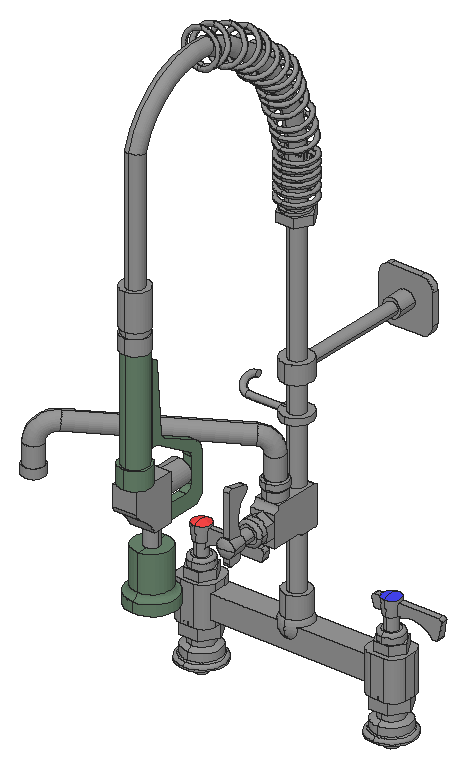
Revit family "Krowne_18-608L_DeckMount_Pre-Rinse_Faucet", category Plumbing Fixtures, Revit 2018
Family settings
  Round Connector Dimension = Use Diameter
  Part Type = Normal
  OmniClass Number = 23.40.40.00
  OmniClass Title = Food Service Equipment and Furnishings
  Work Plane-Based = No
  Always vertical = Yes
  Cut with Voids When Loaded = No
  Shared = No
  Room Calculation Point = No
Parameters (values of type "18-608L")
  Width = 12 5/16"
  Weight in Pounds = 13
  Watermarked By = ""
  URL Cutsheet = ""
  URL = "https://krowne.com/"
  Status [instance] = ""
  Specification by User [instance] = ""
  Specification by Manufacturer [instance] = ""
  Serial Number [instance] = ""
  Revision Code [instance] = ""
  NAFEM Spec ID Number [instance] = ""
  Model = "18-608L"
  Masterspec [instance] = ""
  Manufacturer = "Krowne Metal"
  Item Number [instance] = "-"
  Installed By [instance] = ""
  Hot Water Temperature = 100 °F
  Hot Water Size = 1/2"
  Hot Water RI Height [instance] = 0"
  Hot Water Flow = 1.8 GPM
  Hot Water Connection Height = 0"
  Height = 24 7/8"
  Furnished By [instance] = ""
  Foodservice Equipment Identifier = yes
  Description = "8\" Raised Deck Mount Space Saver Pre-Rinse with Add-on Faucet, 8\" Spout"
  Depth = 10"
  Cold Water Size = 1/2"
  Cold Water RI Height [instance] = 0"
  Cold Water Flow = 1.8 GPM
  Cold Water Consumption = ""
  Cold Water Connection Height = 0"
  CSI MasterFormat = ""
  Assembly Code = "E1090300"
Reference planes (in)
  plane 1 "BACK": y = 0
  plane 2: z = 0
  plane 3 "CENTER L/R": x = -12.56573
  plane 4: y = -0.9375
  plane 5: y = -8.5625
  plane 6 "CENTER L/S": x = -8.56573
  plane 7 "CENTER L/T": x = -16.56573
  plane 8 "CENTER L/U": x = -6.40948
  plane 9 "CENTER L/V": x = -18.72198
  plane 10: z = 6.875
  plane 11: z = 18
  plane 12: z = 26.625
  plane 13: z = 1.75
  plane 14: z = 15.8125
Forms (in)
  Extrusion 1, solid, material "QF_Steel-Chrome-Polished"
    sketch origin (-12.56573, -0.93695, -0.09142) x (0, -1, 0) y (1, 0, 0)
      loop
        circle (0, 0) r 0.34
    from 4.12518 to 18.28793
  Revolve 2, solid, material "QF_Plastic-Hunter Green"
    sketch origin (-12.56573, 4.2975, -7.025) x (0, -1, 0) y (0, 0, 1)
      loop
        line (13.735, 18.775) -> (14.36, 18.775) -> (14.36, 19.525) -> (14.235, 19.525) -> (14.235, 23.8375) -> (13.735, 23.8375) -> (13.735, 18.775)
      axis (13.735, 18.775) -> (13.735, 23.8375)
    angle from 0 to 360
  Sweep 3, solid, material "QF_Steel-Chrome-Polished"
    path origin (-12.56573, -0.93695, -4.46642) x (0, -1, 0) y (0, 0, 1)
      loop
        line (8.50055, 23.65392) -> (8.50055, 28.72759)
        arc (8.50055, 28.72759) -> (7.09376, 30.5755) -> (4.82933, 31.09142) r 3.40474
        arc (4.82933, 31.09142) -> (2.36329, 29.70618) -> (0.62765, 27.47285) r 7.14782
        arc (0.62765, 27.47285) -> (0.15902, 26.17338) -> (0, 24.80118) r 6
        line (0, 24.80118) -> (0, 22.66293)
    profile origin (-12.56573, -9.4375, 21.72434) x (0, 1, 0) y (-1, 0, 0)
      loop
        circle (0, 0) r 0.33984
  Sweep 4, solid, material "QF_Steel-Chrome-Polished"
    path origin (-12.56573, 8.55153, 20.47393) x (1, 0, 0) y (0, -0.694658, -0.71934)
      loop
        line (-0.03125, 13.66) -> (-2.03125, 13.66)
        arc (-2.03125, 13.66) -> (-2.40625, 13.285) -> (-2.03125, 12.91) r 0.375
    profile origin (-13.59698, -0.9375, 10.64775) x (0, 0.694658, 0.71934) y (0, 0.71934, -0.694658)
      loop
        circle (0, 0) r 0.125
  Sweep 5, solid, material "QF_Steel-Chrome-Polished"
    path origin (-12.56573, -23.0225, -7.025) x (0, 1, 0) y (0, 0, -1)
      loop
        line (14.46, -16.8375) -> (14.46, -16.0875)
    profile origin (-12.56573, -8.5625, 9.4375) x (-1, 0, 0) y (0, -1, 0)
      loop
        circle (0, 0) r 0.3125
  Revolve 6, solid, material "QF_Plastic-Hunter Green"
    sketch origin (-12.56573, -23.0225, -7.025) x (0, 1, 0) y (0, 0, -1)
      loop
        line (14.46, -16.0875) -> (15.21, -16.0875) -> (15.21, -14.5875)
        arc (15.21, -14.5875) -> (15.28322, -14.41072) -> (15.46, -14.3375) r 0.25
        line (15.46, -14.3375) -> (15.46, -13.9) -> (14.46, -13.9) -> (14.46, -16.0875)
      axis (14.46, -13.9) -> (14.46, -16.0875)
    angle from 0 to 360
  Extrusion 7, solid, material "QF_Plastic-Hunter Green"
    sketch origin (-12.56573, -23.0225, -7.025) x (0, 1, 0) y (0, 0, -1)
      loop
        arc (15.335, -16.71016) -> (15.02261, -17.01446) -> (15.31861, -17.33473) r 0.3125
        line (15.31861, -17.33473) -> (16.06861, -17.33473)
        arc (16.06861, -17.33473) -> (16.24539, -17.40795) -> (16.31861, -17.58473) r 0.25
        line (16.31861, -17.58473) -> (16.31861, -18.62984)
        arc (16.31861, -18.62984) -> (16.28585, -18.75357) -> (16.19614, -18.84486) r 0.25
        line (16.19614, -18.84486) -> (14.5225, -19.8375) -> (14.2725, -19.8375) -> (14.2725, -23.15)
        arc (14.2725, -23.15) -> (14.44928, -23.07678) -> (14.5225, -22.9) r 0.25
        line (14.5225, -22.9) -> (14.73264, -20.16098)
        arc (14.73264, -20.16098) -> (14.77513, -20.0396) -> (14.87232, -19.9554) r 0.25
        line (14.87232, -19.9554) -> (16.56935, -19.12771)
        arc (16.56935, -19.12771) -> (16.77419, -18.94327) -> (16.85017, -18.67831) r 0.5
        line (16.85017, -18.67831) -> (16.85017, -16.97532) -> (16.585, -16.71016) -> (15.335, -16.71016)
    from -0.17817 to 0.15894
  Revolve 8, solid, material "QF_Steel-Chrome-Polished"
    sketch origin (-12.56573, -23.0225, -7.025) x (0, 1, 0) y (0, 0, -1)
      loop
        line (14.8975, -18.7125) -> (15.8975, -18.7125) -> (15.8975, -18.4625) -> (16.0225, -18.4625) -> (16.0225, -18.2125) -> (14.8975, -18.2125) -> (14.8975, -18.7125)
      axis (16.0225, -18.2125) -> (14.8975, -18.2125)
    angle from 0 to 360
  Sweep 9, solid, material "QF_Steel-Chrome-Polished"
    path origin (-12.56573, -2.06586, 24.03279) x (0, -0.882948, -0.469472) y (1, 0, 0)
      loop
        circle (0, 0) r 0.72
    profile origin (-11.84573, -2.06586, 24.03279) x (-1, 0, 0) y (0, -0.469472, 0.882948)
      loop
        circle (0, 0) r 0.08178
  Sweep 10, solid, material "QF_Steel-Chrome-Polished"
    path origin (-12.56573, -2.47616, 24.44422) x (0, -0.829038, -0.559193) y (1, 0, 0)
      loop
        circle (0, 0) r 0.72
    profile origin (-11.84573, -2.47616, 24.44422) x (-1, 0, 0) y (0, -0.559193, 0.829038)
      loop
        circle (0, 0) r 0.08178
  Sweep 11, solid, material "QF_Steel-Chrome-Polished"
    path origin (-12.56573, -1.07894, 21.53673) x (0, -0.978148, -0.207912) y (1, 0, 0)
      loop
        circle (0, 0) r 0.72
    profile origin (-11.84573, -1.07894, 21.53673) x (-1, 0, 0) y (0, -0.207912, 0.978148)
      loop
        circle (0, 0) r 0.08178
  Sweep 12, solid, material "QF_Steel-Chrome-Polished"
    path origin (-12.56573, -1.86515, 23.60264) x (0, -0.857167, -0.515038) y (1, 0, 0)
      loop
        circle (0, 0) r 0.72
    profile origin (-11.84573, -1.86515, 23.60264) x (-1, 0, 0) y (0, -0.515038, 0.857167)
      loop
        circle (0, 0) r 0.08178
  Sweep 13, solid, material "QF_Steel-Chrome-Polished"
    path origin (-12.56573, -0.98092, 21.05422) x (0, -0.978148, -0.207912) y (1, 0, 0)
      loop
        circle (0, 0) r 0.72
    profile origin (-11.84573, -0.98092, 21.05422) x (-1, 0, 0) y (0, -0.207912, 0.978148)
      loop
        circle (0, 0) r 0.08178
  Sweep 14, solid, material "QF_Steel-Chrome-Polished"
    path origin (-12.56573, -1.69061, 23.19258) x (0, -0.920505, -0.390731) y (1, 0, 0)
      loop
        circle (0, 0) r 0.72
    profile origin (-11.84573, -1.69061, 23.19258) x (-1, 0, 0) y (0, -0.390731, 0.920505)
      loop
        circle (0, 0) r 0.08178
  Sweep 15, solid, material "QF_Steel-Chrome-Polished"
    path origin (-12.56573, -1.21384, 22.00251) x (0, -0.951057, -0.309017) y (1, 0, 0)
      loop
        circle (0, 0) r 0.72
    profile origin (-11.84573, -1.21384, 22.00251) x (-1, 0, 0) y (0, -0.309017, 0.951057)
      loop
        circle (0, 0) r 0.08178
  Sweep 16, solid, material "QF_Steel-Chrome-Polished"
    path origin (-12.56573, -1.54108, 22.69083) x (0, -0.927184, -0.374607) y (1, 0, 0)
      loop
        circle (0, 0) r 0.72
    profile origin (-11.84573, -1.54108, 22.69083) x (-1, 0, 0) y (0, -0.374607, 0.927184)
      loop
        circle (0, 0) r 0.08178
  Sweep 17, solid, material "QF_Steel-Chrome-Polished"
    path origin (-12.56573, -3.01276, 24.87687) x (0, -0.848048, -0.529919) y (1, 0, 0)
      loop
        circle (0, 0) r 0.72
    profile origin (-11.84573, -3.01276, 24.87687) x (-1, 0, 0) y (0, -0.529919, 0.848048)
      loop
        circle (0, 0) r 0.08178
  Sweep 18, solid, material "QF_Steel-Chrome-Polished"
    path origin (-12.56573, -3.45399, 25.40635) x (0, -0.745676, -0.666309) y (1, 0, 0)
      loop
        circle (0, 0) r 0.72
    profile origin (-11.84573, -3.45399, 25.40635) x (-1, 0, 0) y (0, -0.666309, 0.745676)
      loop
        circle (0, 0) r 0.08178
  Sweep 19, solid, material "QF_Steel-Chrome-Polished"
    path origin (-12.56573, -3.91456, 25.78013) x (0, -0.632262, -0.774755) y (1, 0, 0)
      loop
        circle (0, 0) r 0.72
    profile origin (-11.84573, -3.91456, 25.78013) x (-1, 0, 0) y (0, -0.774755, 0.632262)
      loop
        circle (0, 0) r 0.08178
  Sweep 20, solid, material "QF_Steel-Chrome-Polished"
    path origin (-12.56573, -4.61244, 26.15886) x (0, -0.434326, -0.900756) y (1, 0, 0)
      loop
        circle (0, 0) r 0.72
    profile origin (-11.84573, -4.61244, 26.15886) x (-1, 0, 0) y (0, -0.900756, 0.434326)
      loop
        circle (0, 0) r 0.08178
  Sweep 21, solid, material "QF_Steel-Chrome-Polished"
    path origin (-12.56573, -5.50445, 26.53759) x (0, -0.434326, -0.900756) y (1, 0, 0)
      loop
        circle (0, 0) r 0.72
    profile origin (-11.84573, -5.50445, 26.53759) x (-1, 0, 0) y (0, -0.900756, 0.434326)
      loop
        circle (0, 0) r 0.08178
  Sweep 22, solid, material "QF_Steel-Chrome-Polished"
    path origin (-12.56573, -5.96727, 26.62629) x (0, -0.134719, -0.990884) y (1, 0, 0)
      loop
        circle (0, 0) r 0.72
    profile origin (-11.84573, -5.96727, 26.62629) x (-1, 0, 0) y (0, -0.990884, 0.134719)
      loop
        circle (0, 0) r 0.08178
  Extrusion 23, solid, material "QF_Steel-Chrome-Polished"
    sketch origin (-0.21875, -0.9375, 12.03358) x (0, 1, 0) y (-1, 0, 0)
      loop
        circle (0.00055, 12.34698) r 0.625
      loop
        circle (0.00055, 12.34698) r 0.34
    from 0 to 0.75
  Extrusion 24, solid, material "QF_Steel-Chrome-Polished"
    sketch origin (-0.1875, 5.0625, -4.46642) x (1, 0, 0) y (0, 0, 1)
      loop
        line (-11.75323, 18) -> (-13.00323, 18)
        arc (-13.00323, 18) -> (-13.35678, 17.85355) -> (-13.50323, 17.5) r 0.5
        line (-13.50323, 17.5) -> (-13.50323, 16.25)
        arc (-13.50323, 16.25) -> (-13.35678, 15.89645) -> (-13.00323, 15.75) r 0.5
        line (-13.00323, 15.75) -> (-11.75323, 15.75)
        arc (-11.75323, 15.75) -> (-11.39967, 15.89645) -> (-11.25323, 16.25) r 0.5
        line (-11.25323, 16.25) -> (-11.25323, 17.5)
        arc (-11.25323, 17.5) -> (-11.39967, 17.85355) -> (-11.75323, 18) r 0.5
    from 0 to 0.25
  Extrusion 25, solid, material "QF_Steel-Chrome-Polished"
    sketch origin (-0.1875, 4.8125, -4.46642) x (1, 0, 0) y (0, 0, 1)
      loop
        circle (-12.37823, 16.875) r 0.375
    from 0 to 0.75
  Extrusion 26, solid, material "QF_Steel-Chrome-Polished"
    sketch origin (-0.1875, 4.0625, -4.46642) x (1, 0, 0) y (0, 0, 1)
      loop
        circle (-12.37823, 16.875) r 0.25
    from 0 to 4.5
  Extrusion 27, solid, material "QF_Steel-Chrome-Polished"
    sketch origin (-12.59698, 5.53856, -5.6836) x (0, 1, 0) y (0, 0, 1)
      loop
        line (-13.66356, 15.4961) -> (-13.66356, 17.4336) -> (-15.47606, 17.4336) -> (-15.47606, 16.5586)
        arc (-15.47606, 16.5586) -> (-15.44221, 16.43298) -> (-15.34983, 16.34139) r 0.25
        arc (-15.34983, 16.34139) -> (-14.88291, 15.97756) -> (-14.53856, 15.4961) r 2.0625
        line (-14.53856, 15.4961) -> (-13.66356, 15.4961)
    from -0.5 to 0.5
  Revolve 28, solid, material "QF_Steel-Chrome-Polished"
    sketch origin (-12.56573, 4.2975, -7.025) x (0, -1, 0) y (0, 0, 1)
      loop
        line (13.735, 23.8375) -> (14.2975, 23.8375) -> (14.2975, 24.4625) -> (14.235, 24.4625) -> (14.235, 24.7125) -> (14.2975, 24.7125) -> (14.2975, 26.2125) -> (13.735, 26.2125) -> (13.735, 23.8375)
      axis (13.735, 23.8375) -> (13.735, 26.2125)
    angle from 0 to 360
  Extrusion 29, solid, material "QF_Steel-Chrome-Polished"
    sketch origin (-0.21875, -0.9375, 10.51528) x (0, 1, 0) y (-1, 0, 0)
      loop
        circle (0.00055, 12.34698) r 0.625
      loop
        circle (0.00055, 12.34698) r 0.34
    from 0 to 0.25
  Extrusion 30, solid, material "QF_Steel-Chrome-Polished"
    sketch origin (-12.56573, 0, 1.1875) x (0, 1, 0) y (0, 0, 1)
      loop
        line (-0.5, 5.3125) -> (-0.5, 6.6875)
        arc (-0.5, 6.6875) -> (-0.53661, 6.77589) -> (-0.625, 6.8125) r 0.125
        line (-0.625, 6.8125) -> (-2.5, 6.8125)
        arc (-2.5, 6.8125) -> (-2.57322, 6.63572) -> (-2.75, 6.5625) r 0.25
        line (-2.75, 6.5625) -> (-2.75, 5.3125) -> (-1.4805, 5.3125)
        arc (-1.4805, 5.3125) -> (-1.43984, 5.3057) -> (-1.4036, 5.28605) r 0.125
        line (-1.4036, 5.28605) -> (-1.3112, 5.21395)
        arc (-1.3112, 5.21395) -> (-1.27496, 5.1943) -> (-1.2343, 5.1875) r 0.125
        line (-1.2343, 5.1875) -> (-0.625, 5.1875)
        arc (-0.625, 5.1875) -> (-0.53661, 5.22411) -> (-0.5, 5.3125) r 0.125
    from -0.4629 to 0.51137
  Sweep 31, solid, material "QF_Steel-Chrome-Polished"
    path origin (-11.1074, -0.60406, 1.1875) x (0.707107, 0.707107, 0) y (0, 0, 1)
      loop
        line (-2.0625, 6.8125) -> (-2.0625, 8.47099)
        arc (-2.0625, 8.47099) -> (-2.24597, 8.96246) -> (-2.7066, 9.21348) r 0.75
        line (-2.7066, 9.21348) -> (-9.2066, 10.14053)
        arc (-9.2066, 10.14053) -> (-9.80397, 9.96458) -> (-10.0625, 9.39804) r 0.75
        line (-10.0625, 9.39804) -> (-10.0625, 8.5625)
    profile origin (-12.56581, -2.06246, 8.82925) x (-0.707107, -0.707107, 0) y (0.707107, -0.707107, 0)
      loop
        circle (0, 0) r 0.375
  Extrusion 32, solid, material "QF_Steel-Chrome-Polished"
    sketch origin (-12.56573, -0.4375, 8) x (0, -1, 0) y (1, 0, 0)
      loop
        circle (1.625, 0) r 0.375
      loop
        circle (1.625, 0) r 0.4375
    from 0 to 0.375
  Revolve 33, solid, material "QF_Steel-Chrome-Polished"
    sketch origin (-12.56573, 0, 1.1875) x (0, 1, 0) y (0, 0, 1)
      loop
        line (-1.6875, 7.5625) -> (-1.6875, 7.1875) -> (-1.625, 7.1875) -> (-1.5625, 7.25) -> (-1.5625, 7.5) -> (-1.625, 7.5625) -> (-1.6875, 7.5625)
      axis (-2.0625, 7.1875) -> (-2.0625, 7.5625)
    angle from 0 to 360
  Extrusion 34, solid, material "QF_Steel-Chrome-Polished"
    sketch origin (-18.21991, -7.72207, 9.375) x (-0.707107, -0.707107, 0) y (-0.707107, 0.707107, 0)
      loop
        circle (0, 0) r 0.4375
    from 0 to -0.375
  Extrusion 35, solid, material "QF_Steel-Chrome-Polished"
    sketch origin (1.8125, -0.03125, 3.19778) x (0, 1, 0) y (-1, 0, 0)
      loop
        line (-0.90625, 17.74356) -> (-0.35661, 18.06089) -> (-0.35661, 18.69556) -> (-0.90625, 19.01289) -> (-1.45589, 18.69556) -> (-1.45589, 18.06089) -> (-0.90625, 17.74356)
      loop
        line (-0.90625, 9.74356) -> (-0.35661, 10.06089) -> (-0.35661, 10.69556) -> (-0.90625, 11.01289) -> (-1.45589, 10.69556) -> (-1.45589, 10.06089) -> (-0.90625, 9.74356)
    from 0 to 0.375
  Revolve 36, solid, material "QF_Steel-Chrome-Polished"
    sketch origin (-16.56573, -0.03125, -0.80222) x (0, 1, 0) y (0, 0, 1)
      loop
        line (-0.90625, 4.375) -> (-0.40625, 4.375) -> (-0.40625, 4.625)
        arc (-0.40625, 4.625) -> (-0.44286, 4.71339) -> (-0.53125, 4.75) r 0.125
        line (-0.53125, 4.75) -> (-0.90625, 4.75) -> (-0.90625, 4.375)
      axis (-0.90625, 4.375) -> (-0.90625, 4.75)
    angle from 0 to 360
  Revolve 37, solid, material "QF_Steel-Chrome-Polished"
    sketch origin (-8.56573, -0.03125, -0.80222) x (0, 1, 0) y (0, 0, 1)
      loop
        line (-0.90625, 4.375) -> (-0.40625, 4.375) -> (-0.40625, 4.625)
        arc (-0.40625, 4.625) -> (-0.44286, 4.71339) -> (-0.53125, 4.75) r 0.125
        line (-0.53125, 4.75) -> (-0.90625, 4.75) -> (-0.90625, 4.375)
      axis (-0.90625, 4.375) -> (-0.90625, 4.75)
    angle from 0 to 360
  Revolve 38, solid, material "QF_Steel-Chrome-Polished"
    sketch origin (-8.56573, -0.03125, -0.80222) x (0, 1, 0) y (0, 0, 1)
      loop
        line (-0.90625, 4.75) -> (-0.65625, 4.75) -> (-0.65625, 5.3125) -> (-0.90625, 5.3125) -> (-0.90625, 4.75)
      axis (-0.90625, 4.75) -> (-0.90625, 5.3125)
    angle from 0 to 360
  Revolve 39, solid, material "QF_Steel-Chrome-Polished"
    sketch origin (-16.56573, -0.03125, -0.80222) x (0, 1, 0) y (0, 0, 1)
      loop
        line (-0.90625, 4.75) -> (-0.65625, 4.75) -> (-0.65625, 5.3125) -> (-0.90625, 5.3125) -> (-0.90625, 4.75)
      axis (-0.90625, 4.75) -> (-0.90625, 5.3125)
    angle from 0 to 360
  Revolve 40, solid, material "QF_Steel-Chrome-Polished"
    sketch origin (-16.56573, -0.03125, -0.80222) x (0, 1, 0) y (0, 0, 1)
      loop
        line (-0.90625, 5.3125) -> (-0.59375, 5.3125) -> (-0.53125, 5.9375) -> (-0.90625, 5.9375) -> (-0.90625, 5.3125)
      axis (-0.90625, 5.3125) -> (-0.90625, 5.9375)
    angle from 0 to 360
  Revolve 41, solid, material "QF_Steel-Chrome-Polished"
    sketch origin (-8.56573, -0.03125, -0.80222) x (0, 1, 0) y (0, 0, 1)
      loop
        line (-0.90625, 5.3125) -> (-0.59375, 5.3125) -> (-0.53125, 5.9375) -> (-0.90625, 5.9375) -> (-0.90625, 5.3125)
      axis (-0.90625, 5.3125) -> (-0.90625, 5.9375)
    angle from 0 to 360
  Revolve 42, solid, material "QF_Plastic-Red"
    sketch origin (-16.56573, -0.03125, -0.80222) x (0, 1, 0) y (0, 0, 1)
      loop
        line (-0.90625, 5.9375) -> (-0.53125, 5.9375)
        arc (-0.53125, 5.9375) -> (-0.70704, 6.03513) -> (-0.90625, 6.0625) r 0.54601
        line (-0.90625, 6.0625) -> (-0.90625, 5.9375)
      axis (-0.90625, 5.9375) -> (-0.90625, 6.0625)
    angle from 0 to 360
  Revolve 43, solid, material "QF_Plastic-Blue"
    sketch origin (-8.56573, -0.03125, -0.80222) x (0, 1, 0) y (0, 0, 1)
      loop
        line (-0.90625, 5.9375) -> (-0.53125, 5.9375)
        arc (-0.53125, 5.9375) -> (-0.70704, 6.03513) -> (-0.90625, 6.0625) r 0.54601
        line (-0.90625, 6.0625) -> (-0.90625, 5.9375)
      axis (-0.90625, 5.9375) -> (-0.90625, 6.0625)
    angle from 0 to 360
  Extrusion 44, solid, material "QF_Steel-Chrome-Polished"
    sketch origin (-0.1875, -3.375, -0.21074) x (1, 0, 0) y (0, 1, 0)
      loop
        circle (-16.37823, 2.4375) r 0.25
      loop
        circle (-8.37823, 2.4375) r 0.25
    from 0.21074 to -0.25
  Revolve 45, solid, material "QF_Steel-Chrome-Polished"
    sketch origin (-16.56573, -0.03125, 0) x (0, 1, 0) y (0, 0, 1)
      loop
        line (-0.90625, 0) -> (0.03125, 0) -> (0.03125, 0.0625)
        arc (0.03125, 0.0625) -> (-0.00536, 0.15089) -> (-0.09375, 0.1875) r 0.125
        arc (-0.09375, 0.1875) -> (-0.13794, 0.20581) -> (-0.15625, 0.25) r 0.0625
        line (-0.15625, 0.25) -> (-0.15625, 0.5625) -> (-0.40625, 0.6875) -> (-0.40625, 1.0625) -> (-0.90625, 1.0625) -> (-0.90625, 0)
      axis (-0.90625, 0) -> (-0.90625, 1.0625)
    angle from 0 to 360
  Revolve 46, solid, material "QF_Steel-Chrome-Polished"
    sketch origin (-8.56573, -0.03125, 0) x (0, 1, 0) y (0, 0, 1)
      loop
        line (-0.90625, 0) -> (0.03125, 0) -> (0.03125, 0.0625)
        arc (0.03125, 0.0625) -> (-0.00536, 0.15089) -> (-0.09375, 0.1875) r 0.125
        arc (-0.09375, 0.1875) -> (-0.13794, 0.20581) -> (-0.15625, 0.25) r 0.0625
        line (-0.15625, 0.25) -> (-0.15625, 0.5625) -> (-0.40625, 0.6875) -> (-0.40625, 1.0625) -> (-0.90625, 1.0625) -> (-0.90625, 0)
      axis (-0.90625, 0) -> (-0.90625, 1.0625)
    angle from 0 to 360
  Extrusion 47, solid, material "QF_Steel-Chrome-Polished"
    sketch origin (1.8125, -0.03125, 1.0625) x (0, 1, 0) y (-1, 0, 0)
      loop
        line (-0.2026, 17.97198) -> (-0.2026, 18.78448) -> (-0.90625, 19.19073) -> (-1.6099, 18.78448) -> (-1.6099, 17.97198) -> (-0.90625, 17.56573) -> (-0.2026, 17.97198)
      loop
        line (-0.2026, 9.97198) -> (-0.2026, 10.78448) -> (-0.90625, 11.19073) -> (-1.6099, 10.78448) -> (-1.6099, 9.97198) -> (-0.90625, 9.56573) -> (-0.2026, 9.97198)
    from 0 to 0.5
  Extrusion 48, solid, material "QF_Steel-Chrome-Polished"
    sketch origin (1.8125, -0.03125, 1.5625) x (0, 1, 0) y (-1, 0, 0)
      loop
        circle (-0.90625, 18.37823) r 0.75
      loop
        circle (-0.90625, 10.37823) r 0.75
    from 0 to 0.125
  Revolve 49, solid, material "QF_Steel-Chrome-Polished"
    sketch origin (-12.56573, -0.03125, -0.16406) x (0, 1, 0) y (0, 0, 1)
      loop
        line (-0.90625, 3.30665) -> (-0.90625, 2.30303)
        arc (-0.90625, 2.30303) -> (-0.33338, 2.64139) -> (-0.34375, 3.30665) r 0.66209
        line (-0.34375, 3.30665) -> (-0.90625, 3.30665)
      axis (-0.90625, 3.30665) -> (-0.90625, 2.30303)
    angle from 0 to 360
  Extrusion 50, solid, material "QF_Steel-Chrome-Polished"
    sketch origin (-12.56573, -0.9375, 3.14259) x (0, 1, 0) y (-1, 0, 0)
      loop
        circle (0, 0) r 0.5625
    from 0 to 0.89117
  Extrusion 51, solid, material "QF_Steel-Chrome-Polished"
    sketch origin (3.8125, -0.9375, -0.80222) x (1, 0, 0) y (0, 0, 1)
      loop
        arc (-20.45139, 5.875) -> (-20.54806, 5.82925) -> (-20.57397, 5.72549) r 0.125
        line (-20.57397, 5.72549) -> (-20.44898, 5.10053)
        arc (-20.44898, 5.10053) -> (-20.40566, 5.02837) -> (-20.32641, 5.00004) r 0.125
        line (-20.32641, 5.00004) -> (-20.25335, 5.00004)
        arc (-20.25335, 5.00004) -> (-20.20057, 5.01173) -> (-20.15766, 5.04462) r 0.125
        arc (-20.15766, 5.04462) -> (-19.58494, 5.40979) -> (-18.90628, 5.38199) r 1.13354
        arc (-18.90628, 5.38199) -> (-18.88545, 5.37648) -> (-18.86398, 5.37462) r 0.125
        line (-18.86398, 5.37462) -> (-17.83077, 5.37462)
        arc (-17.83077, 5.37462) -> (-17.75152, 5.40295) -> (-17.7082, 5.47511) r 0.125
        line (-17.7082, 5.47511) -> (-17.65813, 5.72549)
        arc (-17.65813, 5.72549) -> (-17.68403, 5.82925) -> (-17.7807, 5.875) r 0.125
        line (-17.7807, 5.875) -> (-20.45139, 5.875)
      loop
        line (-10.29934, 5.875) -> (-12.97575, 5.875)
        arc (-12.97575, 5.875) -> (-13.07242, 5.82925) -> (-13.09832, 5.72549) r 0.125
        line (-13.09832, 5.72549) -> (-13.04825, 5.47511)
        arc (-13.04825, 5.47511) -> (-13.00493, 5.40295) -> (-12.92568, 5.37462) r 0.125
        line (-12.92568, 5.37462) -> (-11.89247, 5.37462)
        arc (-11.89247, 5.37462) -> (-11.871, 5.37648) -> (-11.85017, 5.38199) r 0.125
        arc (-11.85017, 5.38199) -> (-11.17151, 5.40979) -> (-10.59879, 5.04462) r 1.13354
        arc (-10.59879, 5.04462) -> (-10.55588, 5.01173) -> (-10.5031, 5.00004) r 0.125
        line (-10.5031, 5.00004) -> (-10.42432, 5.00004)
        arc (-10.42432, 5.00004) -> (-10.34507, 5.02837) -> (-10.30175, 5.10053) r 0.125
        line (-10.30175, 5.10053) -> (-10.17676, 5.72549)
        arc (-10.17676, 5.72549) -> (-10.20267, 5.82925) -> (-10.29934, 5.875) r 0.125
    from -0.125 to 0.125
  Extrusion 52, solid, material "QF_Steel-Chrome-Polished"
    sketch origin (-13.46034, -2.75, 17.56068) x (-1, 0, 0) y (0, 0, -1)
      loop
        line (-0.90625, 9.81573) -> (-0.41911, 10.09698) -> (-0.41911, 10.65948) -> (-0.90625, 10.94073) -> (-1.39339, 10.65948) -> (-1.39339, 10.09698) -> (-0.90625, 9.81573)
    from 0 to 0.375
  Revolve 53, solid, material "QF_Steel-Chrome-Polished"
    sketch origin (-13.46034, 1.25, 7.18246) x (-1, 0, 0) y (0, -1, 0)
      loop
        line (-0.90625, 4.375) -> (-0.40625, 4.375) -> (-0.40625, 4.625)
        arc (-0.40625, 4.625) -> (-0.44286, 4.71339) -> (-0.53125, 4.75) r 0.125
        line (-0.53125, 4.75) -> (-0.90625, 4.75) -> (-0.90625, 4.375)
      axis (-0.90625, 4.375) -> (-0.90625, 4.75)
    angle from 0 to 360
  Revolve 54, solid, material "QF_Steel-Chrome-Polished"
    sketch origin (-13.46034, 1.25, 7.18246) x (-1, 0, 0) y (0, -1, 0)
      loop
        line (-0.90625, 4.75) -> (-0.65625, 4.75) -> (-0.65625, 5.3125) -> (-0.90625, 5.3125) -> (-0.90625, 4.75)
      axis (-0.90625, 4.75) -> (-0.90625, 5.3125)
    angle from 0 to 360
  Revolve 55, solid, material "QF_Steel-Chrome-Polished"
    sketch origin (-13.46034, 1.25, 7.18246) x (-1, 0, 0) y (0, -1, 0)
      loop
        line (-0.90625, 5.3125) -> (-0.59375, 5.3125) -> (-0.53125, 5.9375) -> (-0.90625, 5.9375) -> (-0.90625, 5.3125)
      axis (-0.90625, 5.3125) -> (-0.90625, 5.9375)
    angle from 0 to 360
  Revolve 56, solid, material "QF_Steel-Chrome-Polished"
    sketch origin (-13.46034, 1.25, 7.18246) x (-1, 0, 0) y (0, -1, 0)
      loop
        line (-0.90625, 5.9375) -> (-0.53125, 5.9375)
        arc (-0.53125, 5.9375) -> (-0.70704, 6.03513) -> (-0.90625, 6.0625) r 0.54601
        line (-0.90625, 6.0625) -> (-0.90625, 5.9375)
      axis (-0.90625, 5.9375) -> (-0.90625, 6.0625)
    angle from 0 to 360
  Extrusion 57, solid, material "QF_Steel-Chrome-Polished"
    sketch origin (-12.55409, 1.25, 19.56068) x (0, 0, 1) y (0, -1, 0)
      loop
        line (-10.29934, 5.875) -> (-12.97575, 5.875)
        arc (-12.97575, 5.875) -> (-13.07242, 5.82925) -> (-13.09832, 5.72549) r 0.125
        line (-13.09832, 5.72549) -> (-13.04825, 5.47511)
        arc (-13.04825, 5.47511) -> (-13.00493, 5.40295) -> (-12.92568, 5.37462) r 0.125
        line (-12.92568, 5.37462) -> (-11.89247, 5.37462)
        arc (-11.89247, 5.37462) -> (-11.871, 5.37648) -> (-11.85017, 5.38199) r 0.125
        arc (-11.85017, 5.38199) -> (-11.17151, 5.40979) -> (-10.59879, 5.04462) r 1.13354
        arc (-10.59879, 5.04462) -> (-10.55588, 5.01173) -> (-10.5031, 5.00004) r 0.125
        line (-10.5031, 5.00004) -> (-10.42432, 5.00004)
        arc (-10.42432, 5.00004) -> (-10.34507, 5.02837) -> (-10.30175, 5.10053) r 0.125
        line (-10.30175, 5.10053) -> (-10.17676, 5.72549)
        arc (-10.17676, 5.72549) -> (-10.20267, 5.82925) -> (-10.29934, 5.875) r 0.125
    from -0.125 to 0.125
  Extrusion 58, solid, material "QF_Steel-Chrome-Polished"
    sketch origin (2, 0, 0) x (1, 0, 0) y (0, 1, 0)
      loop
        line (-10.28392, -0.1875) -> (-10.84753, -0.1875)
        arc (-10.84753, -0.1875) -> (-11.20108, -0.33395) -> (-11.34753, -0.6875) r 0.5
        line (-11.34753, -0.6875) -> (-11.34753, -1.1875)
        arc (-11.34753, -1.1875) -> (-11.20108, -1.54105) -> (-10.84753, -1.6875) r 0.5
        line (-10.84753, -1.6875) -> (-10.28392, -1.6875)
        arc (-10.28392, -1.6875) -> (-9.93037, -1.54105) -> (-9.78392, -1.1875) r 0.5
        line (-9.78392, -1.1875) -> (-9.78392, -0.6875)
        arc (-9.78392, -0.6875) -> (-9.93037, -0.33395) -> (-10.28392, -0.1875) r 0.5
      loop
        line (-18.28392, -0.1875) -> (-18.84753, -0.1875)
        arc (-18.84753, -0.1875) -> (-19.20108, -0.33395) -> (-19.34753, -0.6875) r 0.5
        line (-19.34753, -0.6875) -> (-19.34753, -1.1875)
        arc (-19.34753, -1.1875) -> (-19.20108, -1.54105) -> (-18.84753, -1.6875) r 0.5
        line (-18.84753, -1.6875) -> (-18.28392, -1.6875)
        arc (-18.28392, -1.6875) -> (-17.93037, -1.54105) -> (-17.78392, -1.1875) r 0.5
        line (-17.78392, -1.1875) -> (-17.78392, -0.6875)
        arc (-17.78392, -0.6875) -> (-17.93037, -0.33395) -> (-18.28392, -0.1875) r 0.5
    from 1.5625 to 3.19778
  Extrusion 59, solid, material "QF_Steel-Chrome-Polished"
    sketch origin (0, 0, 0) x (1, 0, 0) y (0, 1, 0)
      loop
        line (-8.56573, -0.4375) -> (-15.78392, -0.4375) -> (-15.78392, -1.44779) -> (-8.56573, -1.44779) -> (-8.56573, -0.4375)
    from 1.92335 to 2.9302
  Sweep 60, solid, material "QF_Steel-Chrome-Polished"
    path origin (-12.56573, -0.93695, 18.84886) x (0, -1, 0) y (1, 0, 0)
      loop
        circle (0, 0) r 0.72
    profile origin (-11.84573, -0.93695, 18.84886) x (-1, 0, 0) y (0, 0, 1)
      loop
        circle (0, 0) r 0.08178
  Sweep 61, solid, material "QF_Steel-Chrome-Polished"
    path origin (-12.56573, -0.93695, 19.59886) x (0, -1, 0) y (1, 0, 0)
      loop
        circle (0, 0) r 0.72
    profile origin (-11.84573, -0.93695, 19.59886) x (-1, 0, 0) y (0, 0, 1)
      loop
        circle (0, 0) r 0.08178
  Sweep 62, solid, material "QF_Steel-Chrome-Polished"
    path origin (-12.56573, -0.93695, 20.16136) x (0, -1, 0) y (1, 0, 0)
      loop
        circle (0, 0) r 0.72
    profile origin (-11.84573, -0.93695, 20.16136) x (-1, 0, 0) y (0, 0, 1)
      loop
        circle (0, 0) r 0.08178
  Sweep 63, solid, material "QF_Steel-Chrome-Polished"
    path origin (-12.56573, -0.93695, 19.23623) x (0, -1, 0) y (1, 0, 0)
      loop
        circle (0, 0) r 0.72
    profile origin (-11.84573, -0.93695, 19.23623) x (-1, 0, 0) y (0, 0, 1)
      loop
        circle (0, 0) r 0.08178
  Sweep 64, solid, material "QF_Steel-Chrome-Polished"
    path origin (-12.56573, -0.93695, 19.86123) x (0, -1, 0) y (1, 0, 0)
      loop
        circle (0, 0) r 0.72
    profile origin (-11.84573, -0.93695, 19.86123) x (-1, 0, 0) y (0, 0, 1)
      loop
        circle (0, 0) r 0.08178
  Sweep 65, solid, material "QF_Steel-Chrome-Polished"
    path origin (-12.56573, -0.93695, 20.42373) x (0, -1, 0) y (1, 0, 0)
      loop
        circle (0, 0) r 0.72
    profile origin (-11.84573, -0.93695, 20.42373) x (-1, 0, 0) y (0, 0, 1)
      loop
        circle (0, 0) r 0.08178
  Extrusion 66, solid, material "QF_Steel-Chrome-Polished"
    sketch origin (0, 0, 18) x (0, 1, 0) y (-1, 0, 0)
      loop
        line (-0.9375, 11.84174) -> (-0.31051, 12.20373) -> (-0.31051, 12.92772) -> (-0.9375, 13.28971) -> (-1.56449, 12.92772) -> (-1.56449, 12.20373) -> (-0.9375, 11.84174)
    from 0 to 0.375
  Revolve 67, solid, material "QF_Steel-Chrome-Polished"
    sketch origin (-12.59698, 0, 16) x (0, 1, 0) y (0, 0, 1)
      loop
        line (-0.9375, 2.375) -> (-0.37, 2.375) -> (-0.37, 2.45122) -> (-0.5625, 2.45122) -> (-0.5625, 3.49121) -> (-0.9375, 3.49121) -> (-0.9375, 2.375)
      loop
        line (-0.5625, 4.891) -> (-0.9375, 4.891) -> (-0.9375, 4.29742) -> (-0.5625, 4.29742) -> (-0.5625, 4.891)
      axis (-0.9375, 2.375) -> (-0.9375, 4.891)
    angle from 0 to 360
  Extrusion 68, solid, material "QF_Steel-Chrome-Polished"
    sketch origin (0, 0, 19.76372) x (0, 1, 0) y (-1, 0, 0)
      loop
        line (-0.9375, 12.05825) -> (-0.49801, 12.31199) -> (-0.49801, 12.81946) -> (-0.9375, 13.0732) -> (-1.37699, 12.81946) -> (-1.37699, 12.31199) -> (-0.9375, 12.05825)
    from -0.27251 to 0.54256
Cuts and joins
  joined: Extrusion 1, Extrusion 30
  joined: Extrusion 58, Extrusion 59
Lines and regions (in)
  symbolic lines
    curve 1: arc (-12.94073, -0.9375, 0) -> (-12.83089, -0.67233, 0) -> (-12.56573, -0.5625, 0) r 0.375
    curve 2: arc (-12.56573, -0.5625, 0) -> (-12.30056, -0.67233, 0) -> (-12.19073, -0.9375, 0) r 0.375
    curve 3: line (-12.94073, -0.9375, 0) -> (-12.94073, -9.46144, 0)
    curve 4: arc (-12.94073, -9.46144, 0) -> (-12.56573, -9.83644, 0) -> (-12.19073, -9.46144, 0) r 0.375
    curve 6: line (-13.36339, -1.09937, 0) -> (-11.73911, -1.09937, 0)
    curve 7: line (-13.36339, -1.31238, 0) -> (-11.73911, -1.31238, 0)
    curve 8: line (-13.36339, -1.56238, 0) -> (-11.73911, -1.56238, 0)
    curve 9: line (-13.36339, -1.81238, 0) -> (-11.73911, -1.81238, 0)
    curve 10: line (-13.36339, -2.06238, 0) -> (-11.73911, -2.06238, 0)
    curve 11: line (-13.36339, -2.31238, 0) -> (-11.73911, -2.31238, 0)
    curve 12: line (-13.36339, -2.56238, 0) -> (-11.73911, -2.56238, 0)
    curve 13: line (-13.36339, -2.81238, 0) -> (-11.73911, -2.81238, 0)
    curve 14: line (-13.36339, -3.06238, 0) -> (-11.73911, -3.06238, 0)
    curve 15: line (-13.36339, -3.81238, 0) -> (-11.73911, -3.81238, 0)
    curve 16: line (-13.36339, -5.06238, 0) -> (-11.73911, -5.06238, 0)
    curve 17: line (-13.36339, -5.69647, 0) -> (-11.73911, -5.69647, 0)
    curve 18: line (-13.36339, -8.53336, 0) -> (-11.73911, -8.53336, 0)
    curve 19: line (-11.44073, 5.0625, 0) -> (-13.69073, 5.0625, 0)
    curve 20: line (-13.69073, 4.8125, 0) -> (-11.44073, 4.8125, 0)
    curve 21: line (-12.19073, 4.0625, 0) -> (-12.19073, 4.8125, 0)
    curve 22: line (-12.94073, 4.0625, 0) -> (-12.19073, 4.0625, 0)
    curve 23: line (-12.94073, 4.8125, 0) -> (-12.94073, 4.0625, 0)
    curve 24: circle (-8.59698, -0.9375, 0) r 0.375 normal (0, 0, 1)
    curve 25: line (-8.95053, -0.8125, 0) -> (-9.3195, -0.8125, 0)
    curve 26: line (-9.3195, -0.8125, 0) -> (-9.3195, -1.0625, 0)
    curve 27: line (-9.3195, -1.0625, 0) -> (-8.95053, -1.0625, 0)
    curve 28: line (-8.24342, -1.0625, 0) -> (-6.41195, -1.0625, 0)
    curve 29: line (-6.41195, -1.0625, 0) -> (-6.41195, -0.8125, 0)
    curve 30: line (-6.41195, -0.8125, 0) -> (-8.24342, -0.8125, 0)
    curve 31: arc (-9.08731, -0.8125, 0) -> (-8.60008, -0.44319, 0) -> (-8.11285, -0.8125, 0) r 0.50605
    curve 32: arc (-9.08731, -1.0625, 0) -> (-8.60008, -1.43181, 0) -> (-8.11285, -1.0625, 0) r 0.50605
    curve 33: line (-8.22171, -1.26179, 0) -> (-8.31573, -1.42464, 0)
    curve 34: line (-8.31573, -1.42464, 0) -> (-8.51522, -1.42464, 0)
    curve 35: line (-8.68494, -1.42464, 0) -> (-8.87823, -1.42464, 0)
    curve 36: line (-8.87823, -1.42464, 0) -> (-8.97003, -1.28451, 0)
    curve 37: line (-8.95617, -0.58968, 0) -> (-8.87934, -0.45661, 0)
    curve 38: line (-8.87934, -0.45661, 0) -> (-8.71584, -0.45661, 0)
    curve 39: line (-8.4941, -0.45442, 0) -> (-8.32182, -0.45442, 0)
    curve 40: line (-8.32182, -0.45442, 0) -> (-8.22869, -0.59657, 0)
    curve 41: circle (-16.53448, -0.9375, 0) r 0.375 normal (0, 0, -1)
    curve 42: line (-16.18092, -0.8125, 0) -> (-15.81195, -0.8125, 0)
    curve 43: line (-15.81195, -0.8125, 0) -> (-15.81195, -1.0625, 0)
    curve 44: line (-15.81195, -1.0625, 0) -> (-16.18092, -1.0625, 0)
    curve 45: line (-16.88803, -1.0625, 0) -> (-18.7195, -1.0625, 0)
    curve 46: line (-18.7195, -1.0625, 0) -> (-18.7195, -0.8125, 0)
    curve 47: line (-18.7195, -0.8125, 0) -> (-16.88803, -0.8125, 0)
    curve 48: arc (-16.04414, -0.8125, 0) -> (-16.53137, -0.44319, 0) -> (-17.0186, -0.8125, 0) r 0.50605
    curve 49: arc (-16.04414, -1.0625, 0) -> (-16.53137, -1.43181, 0) -> (-17.0186, -1.0625, 0) r 0.50605
    curve 50: line (-16.90974, -1.26179, 0) -> (-16.81573, -1.42464, 0)
    curve 51: line (-16.81573, -1.42464, 0) -> (-16.61623, -1.42464, 0)
    curve 52: line (-16.44651, -1.42464, 0) -> (-16.25323, -1.42464, 0)
    curve 53: line (-16.25323, -1.42464, 0) -> (-16.16142, -1.28451, 0)
    curve 54: line (-16.17528, -0.58968, 0) -> (-16.25211, -0.45661, 0)
    curve 55: line (-16.25211, -0.45661, 0) -> (-16.41561, -0.45661, 0)
    curve 56: line (-16.63735, -0.45442, 0) -> (-16.80963, -0.45442, 0)
    curve 57: line (-16.80963, -0.45442, 0) -> (-16.90888, -0.6059, 0)
    curve 58: line (-12.31405, 4.0625, 0) -> (-12.31405, -0.6595, 0)
    curve 59: line (-12.8135, 4.0625, 0) -> (-12.8135, -0.65601, 0)
    curve 60: line (-11.44073, 4.8125, 0) -> (-11.44073, 5.0625, 0)
    curve 61: line (-13.69073, 4.8125, 0) -> (-13.69073, 5.0625, 0)
    curve 62: line (-12.06573, -7.125, 0) -> (-12.19073, -7.125, 0)
    curve 63: line (-12.06573, -7.125, 0) -> (-12.06573, -8.125, 0)
    curve 64: line (-12.06573, -8.125, 0) -> (-12.19073, -8.125, 0)
    curve 65: line (-12.09698, -8.125, 0) -> (-12.09698, -9.0241, 0)
    curve 66: arc (-12.19073, -8.9375, 0) -> (-12.56573, -10.0625, 0) -> (-12.94073, -8.9375, 0) r 0.625
    curve 67: arc (-12.19073, -9.01824, 0) -> (-12.56573, -10, 0) -> (-12.94073, -9.01824, 0) r 0.5625
    curve 68: line (-13.06573, -7.125, 0) -> (-12.94073, -7.125, 0)
    curve 69: line (-13.06573, -7.125, 0) -> (-13.06573, -8.125, 0)
    curve 70: line (-13.06573, -8.125, 0) -> (-12.94073, -8.125, 0)
    curve 71: line (-13.03448, -8.125, 0) -> (-13.03448, -9.0241, 0)
    curve 72: arc (-12.06573, -7.69647, 0) -> (-11.56829, -8.49089, 0) -> (-11.94714, -9.34821, 0) r 1
    curve 73: arc (-12.06573, -8.00348, 0) -> (-11.81592, -8.54545, 0) -> (-12.04083, -9.09821, 0) r 0.75
    curve 74: arc (-13.06573, -7.69647, 0) -> (-13.56316, -8.49089, 0) -> (-13.18431, -9.34821, 0) r 1
    curve 75: arc (-13.06573, -8.00348, 0) -> (-13.31553, -8.54545, 0) -> (-13.09062, -9.09821, 0) r 0.75
    curve 76: arc (-7.59188, -0.8125, 0) -> (-8.3676, 0.02271, 0) -> (-9.41596, -0.42478, 0) r 0.99081
    curve 77: arc (-7.59188, -1.0625, 0) -> (-8.36159, -1.89788, 0) -> (-9.40453, -1.44779, 0) r 0.98183
    curve 78: line (-9.27443, -1.44779, 0) -> (-12.19073, -1.44779, 0)
    curve 79: line (-9.28054, -0.4375, 0) -> (-12.31405, -0.4375, 0)
    curve 80: line (-18.46496, -7.47527, 0) -> (-12.94073, -1.95103, 0)
    curve 81: line (-17.95835, -7.98188, 0) -> (-12.94073, -2.96426, 0)
    curve 82: arc (-17.95835, -7.98188, 0) -> (-18.46496, -7.98188, 0) -> (-18.46496, -7.47527, 0) r 0.35823
    curve 83: arc (-18.26388, -7.27419, 0) -> (-18.56622, -7.99795, 0) -> (-17.80121, -7.82474, 0) r 0.44129
    curve 84: circle (-16.53448, -0.9375, 0) r 0.375 normal (0, 0, -1)
    curve 85: line (-16.18092, -0.8125, 0) -> (-15.81195, -0.8125, 0)
    curve 86: line (-15.81195, -0.8125, 0) -> (-15.81195, -1.0625, 0)
    curve 87: line (-15.81195, -1.0625, 0) -> (-16.18092, -1.0625, 0)
    curve 88: line (-16.88803, -1.0625, 0) -> (-18.7195, -1.0625, 0)
    curve 89: line (-18.7195, -1.0625, 0) -> (-18.7195, -0.8125, 0)
    curve 90: line (-18.7195, -0.8125, 0) -> (-16.88803, -0.8125, 0)
    curve 91: arc (-16.04414, -0.8125, 0) -> (-16.53137, -0.44319, 0) -> (-17.0186, -0.8125, 0) r 0.50605
    curve 92: arc (-16.04414, -1.0625, 0) -> (-16.53137, -1.43181, 0) -> (-17.0186, -1.0625, 0) r 0.50605
    curve 93: line (-16.90974, -1.26179, 0) -> (-16.81573, -1.42464, 0)
    curve 94: line (-16.81573, -1.42464, 0) -> (-16.61623, -1.42464, 0)
    curve 95: line (-16.44651, -1.42464, 0) -> (-16.25323, -1.42464, 0)
    curve 96: line (-16.25323, -1.42464, 0) -> (-16.16142, -1.28451, 0)
    curve 97: line (-16.17528, -0.58968, 0) -> (-16.25211, -0.45661, 0)
    curve 98: line (-16.25211, -0.45661, 0) -> (-16.41561, -0.45661, 0)
    curve 99: line (-16.63735, -0.45442, 0) -> (-16.80963, -0.45442, 0)
    curve 100: line (-16.80963, -0.45442, 0) -> (-16.90888, -0.6059, 0)
    curve 101: arc (-17.53957, -0.8125, 0) -> (-16.76385, 0.02271, 0) -> (-15.71549, -0.42478, 0) r 0.99081
    curve 102: arc (-17.53957, -1.0625, 0) -> (-16.76986, -1.89788, 0) -> (-15.72692, -1.44779, 0) r 0.98183
    curve 103: line (-15.85702, -1.44779, 0) -> (-12.94073, -1.44779, 0)
    curve 104: line (-15.85091, -0.4375, 0) -> (-12.8135, -0.4375, 0)
    curve 105: line (-12.94073, -0.9375, 0) -> (-14.61234, -0.9375, 0)
    curve 106: arc (-14.61234, -0.9375, 0) -> (-14.91073, -0.63911, 0) -> (-14.61234, -0.34072, 0) r 0.29839
    curve 107: arc (-7.78392, -0.6875, 0) -> (-7.93037, -0.33395, 0) -> (-8.28392, -0.1875, 0) r 0.5
    curve 108: line (-8.28392, -0.1875, 0) -> (-8.84753, -0.1875, 0)
    curve 109: arc (-8.84753, -0.1875, 0) -> (-9.20108, -0.33395, 0) -> (-9.34753, -0.6875, 0) r 0.5
    curve 110: line (-9.34753, -0.6875, 0) -> (-9.34753, -1.1875, 0)
    curve 111: arc (-9.34753, -1.1875, 0) -> (-9.20108, -1.54105, 0) -> (-8.84753, -1.6875, 0) r 0.5
    curve 112: line (-8.84753, -1.6875, 0) -> (-8.28392, -1.6875, 0)
    curve 113: arc (-8.28392, -1.6875, 0) -> (-7.93037, -1.54105, 0) -> (-7.78392, -1.1875, 0) r 0.5
    curve 114: line (-7.78392, -1.1875, 0) -> (-7.78392, -0.6875, 0)
    curve 115: arc (-15.78392, -0.6875, 0) -> (-15.93037, -0.33395, 0) -> (-16.28392, -0.1875, 0) r 0.5
    curve 116: line (-16.28392, -0.1875, 0) -> (-16.84753, -0.1875, 0)
    curve 117: arc (-16.84753, -0.1875, 0) -> (-17.20108, -0.33395, 0) -> (-17.34753, -0.6875, 0) r 0.5
    curve 118: line (-17.34753, -0.6875, 0) -> (-17.34753, -1.1875, 0)
    curve 119: arc (-17.34753, -1.1875, 0) -> (-17.20108, -1.54105, 0) -> (-16.84753, -1.6875, 0) r 0.5
    curve 120: line (-16.84753, -1.6875, 0) -> (-16.28392, -1.6875, 0)
    curve 121: arc (-16.28392, -1.6875, 0) -> (-15.93037, -1.54105, 0) -> (-15.78392, -1.1875, 0) r 0.5
    curve 122: line (-15.78392, -1.1875, 0) -> (-15.78392, -0.6875, 0)
  symbolic lines, style "PlumbingFixtures"
    curve 5: line (-12.19073, -0.9375, 0) -> (-12.19073, -9.46144, 0)
Dimensions and locks (in)
  plane 4 to plane 1 "BACK" = 15/16"
  plane 5 to plane 4 = 7 5/8"
  plane 6 "CENTER L/S" to plane 7 "CENTER L/T" = 8"
  plane 10 to level = 6 7/8"  (x2)
  plane 11 to level = 18"
  plane 12 to plane 13 = 24 7/8"  (x2)
  Extrusion 24 to plane 4 = 6"
  plane 4 to plane 5 = 7 5/8"
  plane 11 to plane 10 = 11 1/8"
  Extrusion 34 to level = 9 3/8"
  plane 1 "BACK" to Extrusion 27 = 9 15/16"
  plane 9 "CENTER L/V" to plane 8 "CENTER L/U" = 12 5/16"
  aligned and locked: level to plane 2
  aligned and locked: Extrusion 35 to Revolve 37 sketch curve
  aligned and locked: Revolve 40 sketch curve to Revolve 40 sketch curve
  aligned and locked: Revolve 41 sketch curve to Revolve 41 sketch curve
  aligned and locked: Revolve 49 sketch curve to Extrusion 35
  aligned and locked: Extrusion 52 to Revolve 53 sketch curve
  aligned and locked: Revolve 55 sketch curve to Revolve 55 sketch curve
Connectors (in)
  piping at (-8.56573, -0.9375, -0.46074), diameter 0.5, driven by "Cold Water Size", driven by "Cold Water Flow"
    settings: on Extrusion 44, index 1, connector inside diameter 24", connector length 0", flow factor 0, pipe flow 1.8 GPM, pressure drop 0.00 psi, fitting loss kfactor 0, connector angle 0.00°, fixture units 0, engagement length 0", angle of deflection 0.00°, flow configuration 0, flow direction 0, fitting loss method 0, system type 20, joint type 0, gender type 0, connector reference index -1, connector utility 0, adjustable connector no, is connector primary yes, connector description ""
  piping at (-16.56573, -0.9375, -0.46074), diameter 0.5, driven by "Hot Water Size", driven by "Cold Water Flow"
    settings: on Extrusion 44, index 2, connector inside diameter 24", connector length 0", flow factor 0, pipe flow 1.8 GPM, pressure drop 0.00 psi, fitting loss kfactor 0, connector angle 0.00°, fixture units 0, engagement length 0", angle of deflection 0.00°, flow configuration 0, flow direction 0, fitting loss method 0, system type 19, joint type 0, gender type 0, connector reference index -1, connector utility 0, adjustable connector no, is connector primary no, connector description ""
